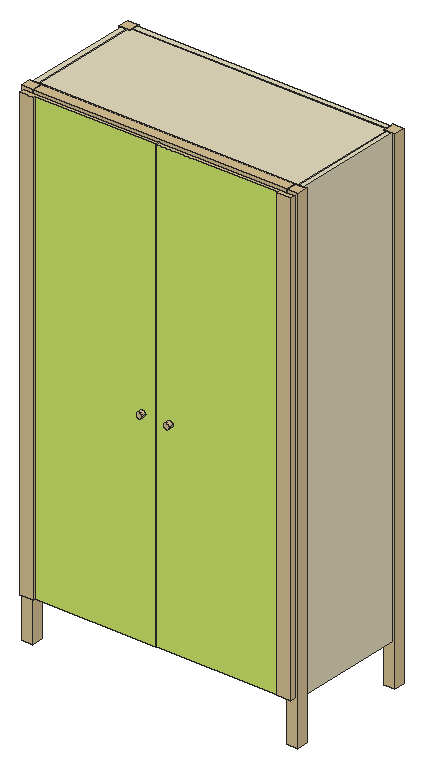
Revit family
Parameters (values of type "1000mm x 1800mm")
  Profondeur = 480 mm
  Portes = Bois - Mélaminé vert
  Poignées = Plastique - Noir
  Structure = Bois - Pin
  Panneaux = Bois - Mélaminé beige
  Largeur = 1000 mm
  Hauteur = 1800 mm
Reference planes
  plane 1 "Centre (avant/arrière)": y = 35
  plane 2: z = 0
  plane 3 "Centre (gauche/droite)": x = 100
  plane 4: x = -400
  plane 5: x = 600
  plane 6 "F": y = 275
  plane 7 "A": y = -205
  plane 8 "HP": z = 150
  plane 9 "T": z = 1800
  plane 10: x = 50
  plane 11: x = 150
  plane 12 "P": z = 900
Forms (mm)
  Extrusion 1, solid, material "Bois - Pin" <- "Structure"
    sketch origin (0, 0, 0) x (1, 0, 0) y (0, 1, 0)
      loop
        line (-400, -205) -> (-360, -205) -> (-360, -165) -> (-400, -165) -> (-400, -205)
      loop
        line (-400, 275) -> (-400, 235) -> (-360, 235) -> (-360, 275) -> (-400, 275)
      loop
        line (560, -205) -> (600, -205) -> (600, -165) -> (560, -165) -> (560, -205)
      loop
        line (560, 235) -> (600, 235) -> (600, 275) -> (560, 275) -> (560, 235)
    from 0 to 1800
  Extrusion 2, solid, material "Bois - Mélaminé beige" <- "Panneaux"
    sketch origin (1357.966, 0, 150) x (-1, 0, 0) y (0, -1, 0)
      loop
        line (1747.966, 165) -> (1727.966, 165) -> (1727.966, -235) -> (1747.966, -235) -> (1747.966, 165)
      loop
        line (787.966, 165) -> (767.966, 165) -> (767.966, -235) -> (787.966, -235) -> (787.966, 165)
    from 0 to 1650
  Extrusion 3, solid, material "Bois - Pin" <- "Structure"
    sketch origin (100, 0, 0) x (0, 1, 0) y (0, 0, 1)
      loop
        line (-205, 1800) -> (-205, 1770) -> (-165, 1770) -> (-165, 1800) -> (-205, 1800)
      loop
        line (-205, 150) -> (-165, 150) -> (-165, 180) -> (-205, 180) -> (-205, 150)
    from -460 to 460
  Extrusion 4, solid, material "Bois - Pin" <- "Structure"
    sketch origin (0, -205, 0) x (1, 0, 0) y (0, 0, 1)
      loop
        line (-390, 160) -> (97.5, 160) -> (97.5, 1790) -> (-390, 1790) -> (-390, 160)
      loop
        line (102.5, 1790) -> (102.5, 160) -> (590, 160) -> (590, 1790) -> (102.5, 1790)
    from 0 to 19
  Extrusion 5, void
    sketch origin (1357.966, 0, 150) x (0, -1, 0) y (-1, 0, 0)
      loop
        line (224, 1697.966) -> (219, 1697.966) -> (219, 817.966) -> (224, 817.966) -> (224, 1697.966)
    from 0 to -1650
  Extrusion 6, solid, material "Bois - Mélaminé beige" <- "Panneaux"
    sketch origin (1357.966, 0, 150) x (-1, 0, 0) y (0, -1, 0)
      loop
        line (1717.966, -245) -> (797.966, -245) -> (797.966, -265) -> (1717.966, -265) -> (1717.966, -245)
    from 0 to 1650
  Extrusion 7, solid, material "Bois - Mélaminé beige" <- "Panneaux"
    sketch origin (0, 0, 1800) x (0, -1, 0) y (-1, 0, 0)
      loop
        line (-235, 370) -> (-235, 360) -> (-245, 360) -> (-245, -560) -> (-235, -560) -> (-235, -570) -> (165, -570) -> (165, 370) -> (-235, 370)
    from 0 to 19
  Extrusion 8, solid, material "Bois - Mélaminé beige" <- "Panneaux"
    sketch origin (1357.966, 0, 150) x (-1, 0, 0) y (0, -1, 0)
      loop
        line (1727.966, -235) -> (1727.966, 165) -> (787.966, 165) -> (787.966, -235) -> (797.966, -235) -> (797.966, -245) -> (1717.966, -245) -> (1717.966, -235) -> (1727.966, -235)
    from 0 to 19
  Extrusion 9, solid, material "Bois - Pin" <- "Structure", detail levels fine
    sketch origin (0, -205, 0) x (1, 0, 0) y (0, 0, 1)
      loop
        circle (50, 900) r 10
      loop
        circle (150, 900) r 10
    from 14 to 30
Cuts and joins
  Extrusion 5 cuts Extrusion 1
  Extrusion 5 cuts Extrusion 2
  Extrusion 5 cuts Extrusion 3
  Extrusion 5 cuts Extrusion 4
Dimensions and locks
  equal spacing: plane 4, plane 3 "Centre (gauche/droite)", plane 5
  equal spacing: plane 7 "A", plane 1 "Centre (avant/arrière)", plane 6 "F"
  "Largeur": plane 4 to plane 5
  "Profondeur": plane 7 "A" to plane 6 "F"
  locked: plane 8 "HP" to level at 150
  "Hauteur": plane 9 "T" to level
  locked: plane 12 "P" to plane 8 "HP" at 750
  plane 11 to plane 3 "Centre (gauche/droite)" to plane 10 = 50 mm locked, 50 mm locked
  locked: plane 4 to Extrusion 1 sketch curve at 40
  locked: Extrusion 1 sketch curve to plane 5 at 40
  locked: Extrusion 1 sketch curve to plane 6 "F" at 40
  locked: plane 7 "A" to Extrusion 1 sketch curve at 40
  locked: plane 4 to Extrusion 2 sketch curve at 10
  locked: Extrusion 2 sketch curve to Extrusion 2 sketch curve at 20  (x2)
  locked: Extrusion 2 sketch curve to plane 5 at 10
  locked: Extrusion 3 sketch curve to plane 9 "T" at 30
  locked: Extrusion 3 sketch curve to plane 8 "HP" at 30
  locked: plane 9 "T" to Extrusion 4 sketch curve at 10  (x2)
  locked: Extrusion 4 sketch curve to plane 8 "HP" at 10  (x2)
  locked: Extrusion 4 sketch curve to plane 4 at 10
  locked: plane 3 "Centre (gauche/droite)" to Extrusion 4 sketch curve at 2.5
  locked: plane 5 to Extrusion 4 sketch curve at 10
  locked: Extrusion 4 sketch curve to plane 3 "Centre (gauche/droite)" at 2.5
  locked: plane 4 to Extrusion 5 sketch curve at 60
  locked: Extrusion 5 sketch curve to plane 5 at 60
  locked: cut or joined group of Extrusion 4, Extrusion 5 to Extrusion 5 sketch curve at 5
  locked: Extrusion 6 sketch curve to plane 6 "F" at 10
  locked: Extrusion 6 sketch curve to Extrusion 6 sketch curve at 20
  aligned and locked: plane 4 to Extrusion 1 sketch curve  (x2)
  aligned and locked: plane 7 "A" to Extrusion 1 sketch curve  (x2)
  aligned and locked: plane 6 "F" to Extrusion 1 sketch curve
  aligned and locked: plane 5 to Extrusion 1 sketch curve  (x2)
  aligned and locked: Extrusion 1 sketch curve to plane 6 "F"
  aligned and locked: Extrusion 1 sketch curve to plane 4
  aligned and locked: Extrusion 1 sketch curve to Extrusion 1 sketch curve  (x4)
  aligned and locked: Extrusion 1 to plane 9 "T"
  aligned and locked: Extrusion 2 sketch curve to Extrusion 2 sketch curve  (x2)
  aligned and locked: Extrusion 2 sketch curve to Extrusion 1  (x2)
  aligned and locked: Extrusion 3 sketch curve to Extrusion 1  (x2)
  aligned and locked: plane 7 "A" to Extrusion 3 sketch curve
  aligned and locked: Extrusion 3 sketch curve to plane 8 "HP"
  aligned and locked: Extrusion 1 to Extrusion 3 sketch curve
  aligned and locked: plane 9 "T" to Extrusion 3 sketch curve
  aligned and locked: Extrusion 3 to Extrusion 1  (x2)
  aligned and locked: cut or joined group of Extrusion 4, Extrusion 5 to Extrusion 5 sketch curve
  aligned and locked: Extrusion 5 to plane 9 "T"
  aligned and locked: Extrusion 6 sketch curve to cut or joined group of Extrusion 1, Extrusion 5  (x2)
  aligned and locked: Extrusion 6 to plane 9 "T"
  aligned and locked: Extrusion 2 to plane 9 "T"
  aligned and locked: Extrusion 7 sketch curve to cut or joined group of Extrusion 2, Extrusion 5  (x2)
  aligned and locked: Extrusion 7 sketch curve to cut or joined group of Extrusion 1, Extrusion 5  (x2)
  aligned and locked: cut or joined group of Extrusion 1, Extrusion 5 to Extrusion 7 sketch curve  (x3)
  aligned and locked: Extrusion 7 sketch curve to Extrusion 6
  aligned and locked: Extrusion 8 sketch curve to Extrusion 7  (x4)
  aligned and locked: cut or joined group of Extrusion 1, Extrusion 5 to Extrusion 8 sketch curve  (x2)
  aligned and locked: Extrusion 8 sketch curve to cut or joined group of Extrusion 1, Extrusion 5  (x2)
  aligned and locked: cut or joined group of Extrusion 4, Extrusion 5 to Extrusion 9
Automatic sketch dimensions
  Extrusion 9 sketch curve to plane 10 = 0 mm
  Extrusion 9 sketch curve to plane 11 = 0 mm
  Extrusion 9 sketch curve to plane 12 "P" = 0 mm  (x2)
  radius of Extrusion 9 sketch curve = 10 mm  (x2)
